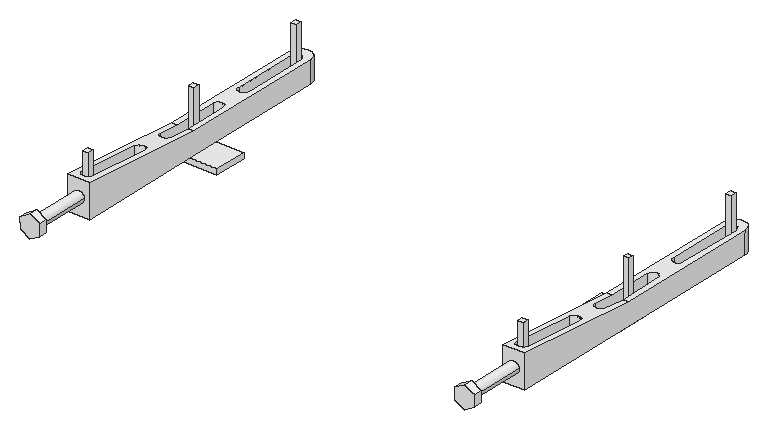
Revit family "Plumbing Fixture-Water_Closet_Carrier_Mifab_MC-51-LP", category Plumbing Fixtures, host Wall, Revit 2013
Parameters
  URL = "www.mifab.com"
  Model = "MC-51-LP"
  Manufacturer = "MIFAB"
  Floor Drain Material = Paint - Sherwin Williams Paint - #952C2A - Bellwood Red
  Description = "Concealed Arms For Lavatory Support"
Reference planes (in)
  plane 1: y = 0
  plane 2 "Center (Left/Right)": x = -0.47711
  plane 3 "Back": y = 3
  plane 4: x = -10.47711
  plane 5: x = 9.52289
  plane 6: y = 3
  plane 7: y = -3
Forms (in)
  Extrusion 1, solid, material "Paint - Sherwin Williams Paint - #952C2A - Bellwood Red" <- "Floor Drain Material"
    sketch origin (-9.97711, 0, -19.00247) x (0, -1, 0) y (0, 0, 1)
      loop
        line (-5.80094, 32.8507) -> (-5.80094, 34.37564) -> (-11.80094, 33.8507) -> (-17.80094, 33.8507) -> (-17.80094, 32.8507) -> (-5.80094, 32.8507)
    from 0 to 1
  Extrusion 2, solid, material "Paint - Sherwin Williams Paint - #952C2A - Bellwood Red" <- "Floor Drain Material"
    sketch origin (3.77466, 1.5, -18.74) x (-1, 0, 0) y (0, 0, 1)
      loop
        circle (14.25176, 33.3507) r 0.25
    from 1.87898 to 4.30094
  Extrusion 3, solid, material "Paint - Sherwin Williams Paint - #952C2A - Bellwood Red" <- "Floor Drain Material"
    sketch origin (3.77466, 1.5, -19.00247) x (-1, 0, 0) y (0, 0, 1)
      loop
        line (13.80665, 33.87016) -> (13.80665, 33.35618) -> (14.25176, 33.09919) -> (14.69688, 33.35618) -> (14.69688, 33.87016) -> (14.25176, 34.12715) -> (13.80665, 33.87016)
    from 1.5 to 1.87898
  Extrusion 4, solid, material "Paint - Sherwin Williams Paint - #952C2A - Bellwood Red" <- "Floor Drain Material"
    sketch origin (3.77466, 1.5, 13.84823) x (-1, 0, 0) y (0, -1, 0)
      loop
        line (13.75176, -16.30094) -> (13.75176, -17)
        arc (13.75176, -17) -> (14.25176, -17.5) -> (14.75176, -17) r 0.5
        line (14.75176, -17) -> (14.75176, -16.30094) -> (13.75176, -16.30094)
    from 0 to 1
  Extrusion 5, void
    sketch origin (3.77466, 1.5, -19.00247) x (-1, 0, 0) y (0, -1, 0)
      loop
        arc (14.50176, -4.80094) -> (14.25176, -4.55094) -> (14.00176, -4.80094) r 0.25
        line (14.00176, -4.80094) -> (14.00176, -7.80094)
        arc (14.00176, -7.80094) -> (14.25176, -8.05094) -> (14.50176, -7.80094) r 0.25
        line (14.50176, -7.80094) -> (14.50176, -4.80094)
      loop
        arc (14.50176, -9.30094) -> (14.25176, -9.05094) -> (14.00176, -9.30094) r 0.25
        line (14.00176, -9.30094) -> (14.00176, -12.30094)
        arc (14.00176, -12.30094) -> (14.25176, -12.55094) -> (14.50176, -12.30094) r 0.25
        line (14.50176, -12.30094) -> (14.50176, -9.30094)
      loop
        arc (14.50176, -13.80094) -> (14.25176, -13.55094) -> (14.00176, -13.80094) r 0.25
        line (14.00176, -13.80094) -> (14.00176, -16.80094)
        arc (14.00176, -16.80094) -> (14.25176, -17.05094) -> (14.50176, -16.80094) r 0.25
        line (14.50176, -16.80094) -> (14.50176, -13.80094)
    from 33.29844 to 34.37564
  Extrusion 6, solid, material "Paint - Sherwin Williams Paint - #952C2A - Bellwood Red" <- "Floor Drain Material"
    sketch origin (3.77466, 1.5, -19.00247) x (-1, 0, 0) y (0, -1, 0)
      loop
        line (14.37676, -16.67594) -> (14.12676, -16.67594) -> (14.12676, -16.92594) -> (14.37676, -16.92594) -> (14.37676, -16.67594)
      loop
        line (14.37676, -4.95816) -> (14.37676, -4.70816) -> (14.12676, -4.70816) -> (14.12676, -4.95816) -> (14.37676, -4.95816)
    from 33.29844 to 35.29844
  Extrusion 7, solid, material "Paint - Sherwin Williams Paint - #952C2A - Bellwood Red" <- "Floor Drain Material"
    sketch origin (3.77466, 1.5, -18.35968) x (-1, 0, 0) y (0, -1, 0)
      loop
        line (12.50176, -10.07993) -> (12.50176, -11.57993) -> (14.50176, -11.57993) -> (14.50176, -10.07993) -> (12.50176, -10.07993)
    from 31.95792 to 32.20792
  Extrusion 8, solid, material "Paint - Sherwin Williams Paint - #952C2A - Bellwood Red" <- "Floor Drain Material"
    sketch origin (3.77466, -4.39811, -19.00247) x (-1, 0, 0) y (0, -1, 0)
      loop
        line (14.37676, -16.67594) -> (14.12676, -16.67594) -> (14.12676, -16.92594) -> (14.37676, -16.92594) -> (14.37676, -16.67594)
    from 33.29844 to 35.29844
  Extrusion 9, solid, not visible
    sketch origin (-10.60211, 0, -19.00247) x (0, -1, 0) y (0, 0, 1)
      loop
        line (-5.80094, 32.8507) -> (-5.80094, 34.37564) -> (-11.80094, 33.8507) -> (-17.80094, 33.8507) -> (-17.80094, 32.8507) -> (-5.80094, 32.8507)
    from 0 to 1
  Extrusion 10, solid, not visible
    sketch origin (3.14966, 1.5, -18.74) x (-1, 0, 0) y (0, 0, 1)
      loop
        circle (14.25176, 33.3507) r 0.25
    from 1.87898 to 4.30094
  Extrusion 11, solid, not visible
    sketch origin (3.14966, 1.5, -19.00247) x (-1, 0, 0) y (0, 0, 1)
      loop
        line (13.80665, 33.87016) -> (13.80665, 33.35618) -> (14.25176, 33.09919) -> (14.69688, 33.35618) -> (14.69688, 33.87016) -> (14.25176, 34.12715) -> (13.80665, 33.87016)
    from 1.5 to 1.87898
  Extrusion 12, solid, not visible
    sketch origin (3.14966, 1.5, 13.84823) x (-1, 0, 0) y (0, -1, 0)
      loop
        line (13.75176, -16.30094) -> (13.75176, -17)
        arc (13.75176, -17) -> (14.25176, -17.5) -> (14.75176, -17) r 0.5
        line (14.75176, -17) -> (14.75176, -16.30094) -> (13.75176, -16.30094)
    from 0 to 1
  Extrusion 13, void, not visible
    sketch origin (3.14966, 1.5, -19.00247) x (-1, 0, 0) y (0, -1, 0)
      loop
        arc (14.50176, -4.80094) -> (14.25176, -4.55094) -> (14.00176, -4.80094) r 0.25
        line (14.00176, -4.80094) -> (14.00176, -7.80094)
        arc (14.00176, -7.80094) -> (14.25176, -8.05094) -> (14.50176, -7.80094) r 0.25
        line (14.50176, -7.80094) -> (14.50176, -4.80094)
      loop
        arc (14.50176, -9.30094) -> (14.25176, -9.05094) -> (14.00176, -9.30094) r 0.25
        line (14.00176, -9.30094) -> (14.00176, -12.30094)
        arc (14.00176, -12.30094) -> (14.25176, -12.55094) -> (14.50176, -12.30094) r 0.25
        line (14.50176, -12.30094) -> (14.50176, -9.30094)
      loop
        arc (14.50176, -13.80094) -> (14.25176, -13.55094) -> (14.00176, -13.80094) r 0.25
        line (14.00176, -13.80094) -> (14.00176, -16.80094)
        arc (14.00176, -16.80094) -> (14.25176, -17.05094) -> (14.50176, -16.80094) r 0.25
        line (14.50176, -16.80094) -> (14.50176, -13.80094)
    from 33.29844 to 34.37564
  Extrusion 14, solid, not visible
    sketch origin (3.14966, 1.5, -19.00247) x (-1, 0, 0) y (0, -1, 0)
      loop
        line (14.37676, -16.67594) -> (14.12676, -16.67594) -> (14.12676, -16.92594) -> (14.37676, -16.92594) -> (14.37676, -16.67594)
      loop
        line (14.37676, -4.95816) -> (14.37676, -4.70816) -> (14.12676, -4.70816) -> (14.12676, -4.95816) -> (14.37676, -4.95816)
    from 33.29844 to 35.29844
  Extrusion 15, solid, not visible
    sketch origin (3.14966, 1.5, -18.35968) x (-1, 0, 0) y (0, -1, 0)
      loop
        line (12.50176, -10.07993) -> (12.50176, -11.57993) -> (14.50176, -11.57993) -> (14.50176, -10.07993) -> (12.50176, -10.07993)
    from 31.95792 to 32.20792
  Extrusion 16, solid, not visible
    sketch origin (3.14966, -4.39811, -19.00247) x (-1, 0, 0) y (0, -1, 0)
      loop
        line (14.37676, -16.67594) -> (14.12676, -16.67594) -> (14.12676, -16.92594) -> (14.37676, -16.92594) -> (14.37676, -16.67594)
    from 33.29844 to 35.29844
  Extrusion 17, solid, material "Paint - Sherwin Williams Paint - #952C2A - Bellwood Red" <- "Floor Drain Material"
    sketch origin (9.02289, 0, -19.00247) x (0, -1, 0) y (0, 0, -1)
      loop
        line (-5.80094, -32.8507) -> (-17.80094, -32.8507) -> (-17.80094, -33.8507) -> (-11.80094, -33.8507) -> (-5.80094, -34.37564) -> (-5.80094, -32.8507)
    from 0 to 1
  Extrusion 18, solid, material "Paint - Sherwin Williams Paint - #952C2A - Bellwood Red" <- "Floor Drain Material"
    sketch origin (-4.72887, 1.5, -18.74) x (1, 0, 0) y (0, 0, -1)
      loop
        circle (14.25176, -33.3507) r 0.25
    from 1.87898 to 4.30094
  Extrusion 19, solid, material "Paint - Sherwin Williams Paint - #952C2A - Bellwood Red" <- "Floor Drain Material"
    sketch origin (-4.72887, 1.5, -19.00247) x (1, 0, 0) y (0, 0, -1)
      loop
        line (13.80665, -33.87016) -> (14.25176, -34.12715) -> (14.69688, -33.87016) -> (14.69688, -33.35618) -> (14.25176, -33.09919) -> (13.80665, -33.35618) -> (13.80665, -33.87016)
    from 1.5 to 1.87898
  Extrusion 20, solid, material "Paint - Sherwin Williams Paint - #952C2A - Bellwood Red" <- "Floor Drain Material"
    sketch origin (-4.72887, 1.5, 13.84823) x (1, 0, 0) y (0, 1, 0)
      loop
        line (13.75176, 16.30094) -> (14.75176, 16.30094) -> (14.75176, 17)
        arc (14.75176, 17) -> (14.25176, 17.5) -> (13.75176, 17) r 0.5
        line (13.75176, 17) -> (13.75176, 16.30094)
    from 0 to 1
  Extrusion 21, void
    sketch origin (-4.72887, 1.5, -19.00247) x (1, 0, 0) y (0, 1, 0)
      loop
        line (14.50176, 4.80094) -> (14.50176, 7.80094)
        arc (14.50176, 7.80094) -> (14.25176, 8.05094) -> (14.00176, 7.80094) r 0.25
        line (14.00176, 7.80094) -> (14.00176, 4.80094)
        arc (14.00176, 4.80094) -> (14.25176, 4.55094) -> (14.50176, 4.80094) r 0.25
      loop
        line (14.50176, 9.30094) -> (14.50176, 12.30094)
        arc (14.50176, 12.30094) -> (14.25176, 12.55094) -> (14.00176, 12.30094) r 0.25
        line (14.00176, 12.30094) -> (14.00176, 9.30094)
        arc (14.00176, 9.30094) -> (14.25176, 9.05094) -> (14.50176, 9.30094) r 0.25
      loop
        line (14.50176, 13.80094) -> (14.50176, 16.80094)
        arc (14.50176, 16.80094) -> (14.25176, 17.05094) -> (14.00176, 16.80094) r 0.25
        line (14.00176, 16.80094) -> (14.00176, 13.80094)
        arc (14.00176, 13.80094) -> (14.25176, 13.55094) -> (14.50176, 13.80094) r 0.25
    from 33.29844 to 34.37564
  Extrusion 22, solid, material "Paint - Sherwin Williams Paint - #952C2A - Bellwood Red" <- "Floor Drain Material"
    sketch origin (-4.72887, 1.5, -19.00247) x (1, 0, 0) y (0, 1, 0)
      loop
        line (14.37676, 16.67594) -> (14.37676, 16.92594) -> (14.12676, 16.92594) -> (14.12676, 16.67594) -> (14.37676, 16.67594)
      loop
        line (14.37676, 4.95816) -> (14.12676, 4.95816) -> (14.12676, 4.70816) -> (14.37676, 4.70816) -> (14.37676, 4.95816)
    from 33.29844 to 35.29844
  Extrusion 23, solid, material "Paint - Sherwin Williams Paint - #952C2A - Bellwood Red" <- "Floor Drain Material"
    sketch origin (-4.72887, 1.5, -18.35968) x (1, 0, 0) y (0, 1, 0)
      loop
        line (12.50176, 10.07993) -> (14.50176, 10.07993) -> (14.50176, 11.57993) -> (12.50176, 11.57993) -> (12.50176, 10.07993)
    from 31.95792 to 32.20792
  Extrusion 24, solid, material "Paint - Sherwin Williams Paint - #952C2A - Bellwood Red" <- "Floor Drain Material"
    sketch origin (-4.72887, -4.39811, -19.00247) x (1, 0, 0) y (0, 1, 0)
      loop
        line (14.37676, 16.67594) -> (14.37676, 16.92594) -> (14.12676, 16.92594) -> (14.12676, 16.67594) -> (14.37676, 16.67594)
    from 33.29844 to 35.29844
Cuts and joins
  Extrusion 5, Extrusion 21 cuts Extrusion 1
  Extrusion 21 cuts Extrusion 2
  Extrusion 21 cuts Extrusion 3
  Extrusion 5, Extrusion 21 cuts Extrusion 4
  Extrusion 21 cuts Extrusion 6
  Extrusion 21 cuts Extrusion 7
  Extrusion 21 cuts Extrusion 8
  joined: Extrusion 1, Extrusion 2, Extrusion 3, Extrusion 4, Extrusion 6, Extrusion 7, Extrusion 8
  Extrusion 21 cuts Extrusion 17
  Extrusion 21 cuts Extrusion 20
  joined: Extrusion 17, Extrusion 18, Extrusion 19, Extrusion 20, Extrusion 22, Extrusion 23, Extrusion 24
Text (in)
  text "Placement Side" at (0, 40.15149, 123.01588), in view "Right"
  text "Placement Side" at (-70.3804, 45.82615, 0), in view "Ref. Level"
  text "Placement Side" at (0, 47.49176, 113.10569), in view "Left"
Dimensions and locks (in)
  locked: plane 3 "Back" to host wall
  equal spacing: plane 4, plane 2 "Center (Left/Right)", plane 5
  plane 4 to plane 5 = 20"
  plane 3 "Back" to plane 6 = 0"
  cut or joined group 1 (Extrusion 1, Extrusion 2, Extrusion 3, Extrusion 4, Extrusion 5, Extrusion 6, Extrusion 7, Extrusion 8, Extrusion 21) to plane 4 to cut or joined group 1 = 1/2", 1/2"
  cut or joined group 1 to plane 4 to cut or joined group 1 = 1/4", 1/4"
  aligned and locked: plane 7 to host wall
Automatic sketch dimensions
  Extrusion 9 sketch curve to Extrusion 9 sketch curve = 6"  (x2)
  Extrusion 9 sketch curve to Extrusion 9 sketch curve = 1"
  Extrusion 9 sketch curve to Extrusion 9 sketch curve = 1.52493"
  Extrusion 11 sketch curve to Extrusion 11 sketch curve = 0.44512"  (x3)
  Extrusion 11 sketch curve to Extrusion 11 sketch curve = 0.25699"  (x3)
  Extrusion 11 sketch curve to Extrusion 11 sketch curve = 0.51398"  (x2)
  Extrusion 12 sketch curve to Extrusion 12 sketch curve = 1"
  Extrusion 13 sketch curve to Extrusion 13 sketch curve = 0"  (x2)
  Extrusion 13 sketch curve to Extrusion 13 sketch curve = 1/2"  (x3)
  Extrusion 13 sketch curve to Extrusion 13 sketch curve = 1 1/2"  (x2)
  Extrusion 13 sketch curve to Extrusion 13 sketch curve = 3"  (x3)
  Extrusion 14 sketch curve to Extrusion 14 sketch curve = 0"
  Extrusion 14 sketch curve to Extrusion 14 sketch curve = 1/4"  (x4)
  Extrusion 15 sketch curve to Extrusion 15 sketch curve = 2"
  Extrusion 16 sketch curve to Extrusion 16 sketch curve = 1/4"  (x2)
  Extrusion 12 sketch curve to Extrusion 12 sketch curve = 0.69906"
  Extrusion 14 sketch curve to Extrusion 14 sketch curve = 11.71778"
  Extrusion 15 sketch curve to Extrusion 15 sketch curve = 1 1/2"
  Extrusion 1 sketch curve to level = 0.76247"
  host wall to Extrusion 1 sketch curve = 14.80094"
  level to Extrusion 1 sketch curve = 0.23753"
  Extrusion 1 sketch curve to Extrusion 1 sketch curve = 6"
  level to Extrusion 1 sketch curve = 0.76247"
  host wall to Extrusion 1 sketch curve = 2.80094"
  Extrusion 2 sketch curve to level = 0"
  plane 4 to Extrusion 2 sketch curve = 0"
  plane 4 to Extrusion 3 sketch curve = 0"  (x2)
  Extrusion 3 sketch curve to level = 0.51398"
  Extrusion 3 sketch curve to plane 4 = 0.44512"
  plane 4 to Extrusion 3 sketch curve = 0.44512"
  Extrusion 3 sketch curve to level = 0.25699"  (x2)
  level to Extrusion 3 sketch curve = 0.25699"  (x2)
  level to Extrusion 3 sketch curve = 0.51398"
  Extrusion 4 sketch curve to plane 4 = 1/2"
  host wall to Extrusion 4 sketch curve = 15 1/2"
  Extrusion 4 sketch curve to plane 4 = 0"
  Extrusion 4 sketch curve to Extrusion 4 sketch curve = 0.69906"
  Extrusion 5 sketch curve to plane 4 = 1/4"  (x2)
  host wall to Extrusion 5 sketch curve = 15.30094"
  Extrusion 5 sketch curve to plane 4 = 0"  (x3)
  Extrusion 5 sketch curve to Extrusion 5 sketch curve = 1/4"
  Extrusion 5 sketch curve to Extrusion 5 sketch curve = 3"  (x3)
  Extrusion 5 sketch curve to Extrusion 5 sketch curve = 1 1/2"  (x2)
  Extrusion 6 sketch curve to plane 4 = 1/8"  (x2)
  plane 4 to Extrusion 6 sketch curve = 1/8"  (x2)
  host wall to Extrusion 6 sketch curve = 15.42594"
  Extrusion 6 sketch curve to Extrusion 6 sketch curve = 1/4"  (x2)
  host wall to Extrusion 6 sketch curve = 3.45816"
  Extrusion 7 sketch curve to plane 4 = 1 3/4"
  host wall to Extrusion 7 sketch curve = 10.07993"
  plane 4 to Extrusion 7 sketch curve = 1/4"
  Extrusion 7 sketch curve to Extrusion 7 sketch curve = 1 1/2"
  Extrusion 8 sketch curve to plane 4 = 1/8"
  plane 4 to Extrusion 8 sketch curve = 1/8"
  host wall to Extrusion 8 sketch curve = 9.52784"
  Extrusion 8 sketch curve to Extrusion 8 sketch curve = 1/4"
  Extrusion 17 sketch curve to level = 0.76247"
  host wall to Extrusion 17 sketch curve = 14.80094"
  level to Extrusion 17 sketch curve = 0.76247"
  level to Extrusion 17 sketch curve = 0.23753"
  Extrusion 17 sketch curve to Extrusion 17 sketch curve = 6"
  host wall to Extrusion 17 sketch curve = 2.80094"
  Extrusion 18 sketch curve to level = 0"
  plane 5 to Extrusion 18 sketch curve = 0"
  plane 5 to Extrusion 19 sketch curve = 0"  (x2)
  level to Extrusion 19 sketch curve = 0.51398"
  plane 5 to Extrusion 19 sketch curve = 0.44512"
  Extrusion 19 sketch curve to plane 5 = 0.44512"
  level to Extrusion 19 sketch curve = 0.25699"  (x2)
  Extrusion 19 sketch curve to level = 0.25699"  (x2)
  Extrusion 19 sketch curve to Extrusion 19 sketch curve = 0.25699"
  plane 5 to Extrusion 20 sketch curve = 1/2"
  host wall to Extrusion 20 sketch curve = 14.80094"
  Extrusion 20 sketch curve to plane 5 = 0"
  Extrusion 20 sketch curve to Extrusion 20 sketch curve = 0.69906"
  plane 5 to Extrusion 21 sketch curve = 1/4"  (x2)
  host wall to Extrusion 21 sketch curve = 3.30094"
  Extrusion 21 sketch curve to plane 5 = 0"  (x3)
  Extrusion 21 sketch curve to Extrusion 21 sketch curve = 1/4"
  Extrusion 21 sketch curve to Extrusion 21 sketch curve = 3"  (x3)
  Extrusion 21 sketch curve to Extrusion 21 sketch curve = 1 1/2"  (x2)
  plane 5 to Extrusion 22 sketch curve = 1/8"  (x2)
  Extrusion 22 sketch curve to plane 5 = 1/8"  (x2)
  host wall to Extrusion 22 sketch curve = 3.20816"
  Extrusion 22 sketch curve to Extrusion 22 sketch curve = 1/4"  (x2)
  Extrusion 22 sketch curve to Extrusion 22 sketch curve = 11.71778"
  plane 5 to Extrusion 23 sketch curve = 1 3/4"
  Extrusion 23 sketch curve to plane 5 = 1/4"
  host wall to Extrusion 23 sketch curve = 8.57993"
  Extrusion 23 sketch curve to Extrusion 23 sketch curve = 1 1/2"
  plane 5 to Extrusion 24 sketch curve = 1/8"
  host wall to Extrusion 24 sketch curve = 9.27784"
  Extrusion 24 sketch curve to plane 5 = 1/8"
  Extrusion 24 sketch curve to Extrusion 24 sketch curve = 1/4"
  radius of Extrusion 10 sketch curve = 1/4"
  radius of Extrusion 2 sketch curve = 1/4"
  radius of Extrusion 18 sketch curve = 1/4"
